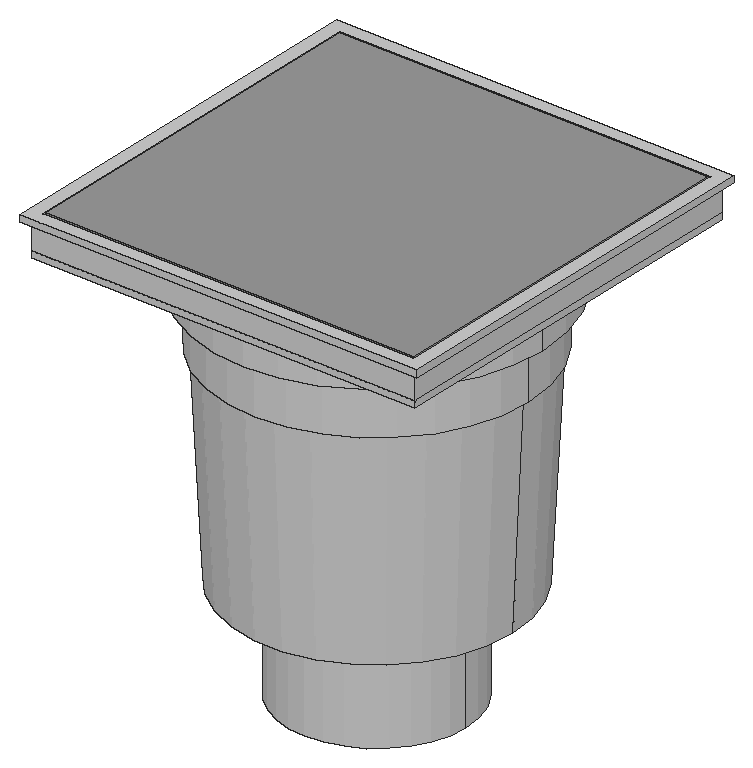
Revit family "HL_Дворовый трап серии Perfekt_HL606LW", category Instalační zařizovací předměty, Revit 2016
Family settings
  Typ součásti = Normální
  Kóta kulaté spojky = Použít průměr
  Číslo OmniClass = 23.70.50.21.24.14
  Nadpis OmniClass = Deck Waste Water Drains
  Založené na pracovní rovině = Ne
  Vždy vertikální = Ano
  Ořezat dutým tvarem při načtení = Ne
  Sdílené = Ne
  Bod výpočtu místnosti = Ano
Parameters (values of type "HL_Дворовый трап серии Perfekt_HL606LW_1")
  РЕШЁТКА = "Kunststoff 226 x 226 mm"
  РАЗМЕР = "DN110"
  ПРОПУСКНАЯ СПОСОБНОСТЬ [instance] = 0.0 L/s
  ПРОИЗВОДИТЕЛЬНОСТЬ = "2,1 l/s"
  ПРАВОВАЯ ИНФОРМАЦИЯ = "\"Авторские права(©), права на дизайн или какие либо другие права интелектуальной собственности являются исключительной собственностью компании HL Hutterer & Lechner. Изменению не подлежит. Файл семейства с данными о прозводителе изделия защищен паролем с водяным знаком.\""
  НОМИНАЛЬНЫЙ ДИАМЕТР = 110 mm
  НАСАДКА = "244 x 244 mm"
  МАТЕРИАЛ = "PP"
  МАКСИМАЛЬНАЯ НАГРУЗКА КЛАССА = "L - 1,5 t"
  ВЫСОТА МОНТАЖА = "213 mm"
  ВЕС = "1,46 kg"
  Výrobce = "HL Hutterer & Lechner GmbH"
  URL = "http://www.hutterer-lechner.com/ru/products/catalog/roof-drains/HL606LW/1.aspx"
  Материал плитка [instance] = none
  Připojení ventilace = no
  Připojení odpadu = yes
  Připojení HW = no
  Připojení CW = no
  Popis = "Дворовый трап серии Perfekt DN110 вертикальный"
  Model = "HL606LW/1"
  Assembly Code = " "
  Komentáře k typům = "Дворовый трап серии Perfekt DN110 вертикальный 244х244мм/226х226мм ПП с водяным затвором."
  Keynote = "HL606LW/1"
  IH [instance] = Высота монтажа 1 + Высота монтажа 2  # 0 mm
  Высота монтажа 2 [instance] = 0 mm
  Высота монтажа 1 [instance] = 0 mm
  G [instance] = 180.00°  # constant formula
  EAN = "9003076009411"
  D [instance] = IH + 174 mm  # 174 mm
  C [instance] = if(IH - 68 mm < 0 mm, 0 mm, IH - 68 mm)  # 0 mm
  B [instance] = 100 mm
  A [instance] = if(B - 100 mm > 15 mm, B - 100 mm, 15 mm)  # 15 mm
Types (3, lengths in mm): name | РАЗМЕР | НОМИНАЛЬНЫЙ ДИАМЕТР | ВЕС | URL | Popis | Model | Komentáře k typům | Keynote | EAN
  (no name) | "DN110" | 110 | "1,46 kg" | "http://www.hutterer-lechner.com/en/products/catalog/roof-drains/HL606LW/1.aspx" | 0 | "HL606LW/1" | "perfect-drain DN110 vertical 244x244mm/226x226mm plastic with trap seal" | "HL606LW/1" | "9003076009411"
  HL_Дворовый трап серии Perfekt_HL606LW_1 | "DN110" | 110 | "1,46 kg" | "http://www.hutterer-lechner.com/ru/products/catalog/roof-drains/HL606LW/1.aspx" | "Дворовый трап серии Perfekt DN110 вертикальный" | "HL606LW/1" | "Дворовый трап серии Perfekt DN110 вертикальный 244х244мм/226х226мм ПП с водяным затвором." | "HL606LW/1" | "9003076009411"
  HL_Дворовый трап серии Perfekt_HL606LW_5 | "DN160" | 160 | "1,466 kg" | "http://www.hutterer-lechner.com/ru/products/catalog/roof-drains/HL606LW/5.aspx" | "Дворовый трап серии Perfekt DN160 вертикальный" | "HL606LW/5" | "Дворовый трап серии Perfekt DN160 вертикальный 244х244мм/226х226мм ПП с водяным затвором." | "HL606LW/5" | "9003076009435"
Values of the unnamed type that differ from the named types
  ПРАВОВАЯ ИНФОРМАЦИЯ = "\"Copyright (©), design rights or any other intellectual property rights, shall be the exclusive property of HL Hutterer & Lechner GmbH. Modification is not allowed. Family has been watermarked.\""
Reference planes
  plane 1 "Center (Front/Back)": y = 0
  plane 2: z = 0
  plane 3 "Center (Left/Right)": x = 0
  plane 4: z = -100
  plane 5: z = 0
  plane 6: z = 0
Lines and regions (mm)
  model lines, style "InvisibleLines"
    curve 1: line (0, 0, 0) -> (0, 0, 20)
  model lines, style "PlumbingFixtures", detail levels coarse+medium
    curve 2: line (0, 0, -100) -> (0, 0, -85)
    curve 3: line (0, 0, -85) -> (-85, 0, 0)
    curve 4: line (0, 0, -85) -> (85, 0, 0)
    curve 6: line (0, 0, -100) -> (0, 0, -274)
  reference lines, not visible
    curve 5: line (0, 0, -100) -> (0, 0, -274)
  symbolic lines, style "PlumbingFixtures", detail levels coarse+medium
    curve 7: line (-75, 75, 0) -> (75, 75, 0)
    curve 8: line (-75, -75, 0) -> (-75, 75, 0)
    curve 9: line (75, -75, 0) -> (-75, -75, 0)
    curve 10: line (75, 75, 0) -> (75, -75, 0)
    curve 11: line (-75, 75, 0) -> (-145.711, 145.711, 0)
    curve 12: line (75, 75, 0) -> (145.711, 145.711, 0)
    curve 13: line (-75, -75, 0) -> (-145.711, -145.711, 0)
    curve 14: line (75, -75, 0) -> (145.711, -145.711, 0)
  symbolic lines, style "PlumbingFixtures", not visible, detail levels coarse+medium
    curve 15: line (-75, 75, 0) -> (75, 75, 0)
    curve 16: line (-75, -75, 0) -> (-75, 75, 0)
    curve 17: line (75, -75, 0) -> (-75, -75, 0)
    curve 18: line (75, 75, 0) -> (75, -75, 0)
    curve 19: line (-75, 75, 0) -> (-145.711, 145.711, 0)
    curve 20: line (75, 75, 0) -> (145.711, 145.711, 0)
    curve 21: line (-75, -75, 0) -> (-145.711, -145.711, 0)
    curve 22: line (75, -75, 0) -> (145.711, -145.711, 0)
Text (mm)
  text "FLOOR" at (-162.344, 0, -10.979), in view "Слева"
Dimensions and locks
  "B": plane 2 to plane 4
  "IH": plane 2 to plane 5
  "A": curve 4 to plane 4
  "D": curve 5 to curve 5
  "D": curve 6 to curve 6
  "Высота монтажа 1": plane 2 to plane 6
  locked: curve 4 to plane 3 "Center (Left/Right)" (angle 45.00°)
  locked: plane 3 "Center (Left/Right)" to curve 3 (angle 45.00°)
  "G": angle curve 5 to plane 3 "Center (Left/Right)"
  aligned and locked: level to plane 2
  aligned and locked: plane 2 to curve 4
  aligned and locked: plane 2 to curve 3
  aligned and locked: plane 4 to curve 5
  aligned and locked: plane 3 "Center (Left/Right)" to curve 5
  aligned and locked: plane 4 to curve 2
  aligned and locked: plane 3 "Center (Left/Right)" to curve 6
  aligned and locked: plane 4 to curve 6
  aligned and locked: nested 1 to plane 3 "Center (Left/Right)"
  aligned and locked: plane 5 to nested 1
  aligned and locked: plane 3 "Center (Left/Right)" to nested 2
  aligned and locked: plane 2 to nested 2
  aligned and locked: plane 3 "Center (Left/Right)" to nested 3
  aligned and locked: nested 1 to nested 3
  aligned and locked: plane 3 "Center (Left/Right)" to nested 4
  aligned and locked: nested 1 to nested 4
Automatic sketch dimensions
  curve 2 to plane 3 "Center (Left/Right)" = 0 mm
  curve 1 to plane 3 "Center (Left/Right)" = 0 mm
  curve 1 to level = 0 mm
  curve 1 to curve 1 = 20 mm
Nested families
  nested 1: "HL-кровельные воронки - корпус-HL606K" at (0, 0, 0), type "HL-кровельные воронки - корпус-HL606K_1"
  nested 2: "HL-Решетка для сливного отверстия-HL0605.1E" at (0, 0, 0), type "HL-Решетка для сливного отверстия-HL0605.1E"
  nested 3: "HL-Песколовка-HL0606.2E" at (0, 0, -19.999), type "HL-Песколовка-HL0606.2E"
  nested 4: "HL-Вкладыш запахозапирающий-HL0605.2E" at (0, 0, -77), type "HL-Вкладыш запахозапирающий-HL0605.2E"
Connectors
  piping at (0, 0, -274), diameter 110, driven by "ПРОПУСКНАЯ СПОСОБНОСТЬ", driven by "НОМИНАЛЬНЫЙ ДИАМЕТР"
    settings: on curve 5, index 1, connector inside diameter 609.6 mm, connector length 0 mm, flow factor 0, pipe flow 0.0 L/s, pressure drop 0.0 Pa, fitting loss kfactor 0, connector angle 0.00°, fixture units 0, engagement length 0 mm, angle of deflection 0.00°, flow configuration 1, flow direction 2, fitting loss method 0, system type 16, joint type 0, gender type 0, connector reference index -1, connector utility 0, adjustable connector yes, is connector primary yes, connector description ""
Definition of nested family "HL-кровельные воронки - корпус-HL606K"
  Parameters
    РАЗМЕР = ""
    ПРАВОВАЯ ИНФОРМАЦИЯ = ""
    НОМИНАЛЬНЫЙ ДИАМЕТР = 110 mm
    НАСАДКА = ""
    МАТЕРИАЛ = ""
    ВЫСОТА МОНТАЖА = ""
    ВЕС = ""
    Height = 0 mm
    Manufacturer = ""
    URL = ""
    Description = ""
    ND = НОМИНАЛЬНЫЙ ДИАМЕТР / 2  # 55 mm
    Model = ""
    материал = none
    Type Comments = ""
    Keynote = ""
    EAN = ""
    Cost = 0
  Types (3, lengths in mm): name | РАЗМЕР | ПРАВОВАЯ ИНФОРМАЦИЯ | НАСАДКА | МАТЕРИАЛ | ВЫСОТА МОНТАЖА | ВЕС | Manufacturer | URL | Description | Model | Type Comments | Keynote | EAN
    (no name) | "" | "" | "" | "" | "" | "" | "" | "" | "" | "" | "" | "" | ""
    HL-кровельные воронки - корпус-HL606K_1 | "DN110" | "\"Авторские права(©), права на дизайн или какие либо другие права интелектуальной собственности являются исключительной собственностью компании HL Hutterer & Lechner. Изменению не подлежит. Файл семейства с данными о прозводителе изделия защищен паролем с водяным знаком.\"" | "244 x 244 mm" | "PP" | "212 mm" | "0,647 kg" | "HL Hutterer & Lechner GmbH" | "http://www.hutterer-lechner.com/ru/products/catalog/roof-drains/HL606K/1.aspx" | "Дворовый трап серии Perfekt DN110 вертикальный" | "HL606K/1" | "Корпус дворового трапа серии Perfekt DN110 вертикальный 244х244мм ПП" | "HL606K/1" | "9003076012763"
    HL-кровельные воронки - корпус-HL606K_5 | "DN160" | "\"Авторские права(©), права на дизайн или какие либо другие права интелектуальной собственности являются исключительной собственностью компании HL Hutterer & Lechner. Изменению не подлежит. Файл семейства с данными о прозводителе изделия защищен паролем с водяным знаком.\"" | "244 x 244 mm" | "PP" | "212 mm" | "0,668 kg" | "HL Hutterer & Lechner GmbH" | "http://www.hutterer-lechner.com/ru/products/catalog/roof-drains/HL606K/5.aspx" | "Дворовый трап серии Perfekt DN160 вертикальный" | "HL606K/5" | "Корпус дворового трапа серии Perfekt DN160 вертикальный 244х244мм ПП" | "HL606K/5" | "9003076012787"
  Reference planes
    plane 1 "Střed (vpředu/vzadu)": y = 0
    plane 2: z = 0
    plane 3 "Střed (vlevo/vpravo)": x = 0
    plane 4: z = -212
  Forms (mm)
    Revolve 1, solid, material <- "материал", detail levels fine
      sketch origin (0, 0, 0) x (1, 0, 0) y (0, 0, 1)
        loop
          line (0, -212) -> (83.62, -212) -> (90.477, -81.158) -> (93.491, -81.158) -> (93.491, -49.562) -> (102.242, -49.562) -> (102.242, -24) -> (98.5, -24) -> (98.5, -42) -> (89.75, -42) -> (89.75, -77) -> (85.685, -77) -> (79.688, -208) -> (0, -208) -> (0, -212)
        axis (0, -212) -> (0, -24)
      angle from 0 to 360
    Extrusion 2, solid, material <- "материал", detail levels fine
      sketch origin (0, 0, 0) x (1, 0, 0) y (0, 1, 0)
        loop
          line (118, -118) -> (118, 118) -> (-118, 118) -> (-118, -118) -> (118, -118)
        loop
          circle (0, 0) r 102.242
      from -24 to -20
    Extrusion 3, solid, material <- "материал", detail levels fine
      sketch origin (0, 0, -23) x (0, 1, 0) y (-1, 0, 0)
        loop
          line (118, 118) -> (-118, 118) -> (-118, -118) -> (118, -118) -> (118, 118)
        loop
          line (-114, -114) -> (114, -114) -> (114, 114) -> (-114, 114) -> (-114, -114)
      from 0 to 19
    Extrusion 4, solid, material <- "материал", detail levels fine
      sketch origin (0, 0, 0) x (1, 0, 0) y (0, 1, 0)
        loop
          line (-122, 122) -> (-122, -122) -> (122, -122) -> (122, 122) -> (-122, 122)
        loop
          line (114, -114) -> (114, 114) -> (-114, 114) -> (-114, -114) -> (114, -114)
      from -4 to 0
    Revolve 5, solid, material <- "материал", detail levels fine
      sketch origin (0, 0, 0) x (1, 0, 0) y (0, 0, 1)
        loop
          line (0, -274) -> (55, -274) -> (55, -212) -> (0, -212) -> (0, -274)
        axis (0, -212) -> (0, -274)
      angle from 0 to 360
  Dimensions and locks
    locked: plane 2 to plane 4 at 212
    plane 4 to Revolve 5 sketch curve = 62 mm
    "ND": Revolve 5 sketch curve to plane 3 "Střed (vlevo/vpravo)"
    aligned and locked: level to plane 2
    aligned and locked: Revolve 5 sketch curve to plane 4
  Automatic sketch dimensions
    Revolve 1 sketch curve to plane 3 "Střed (vlevo/vpravo)" = 0 mm  (x2)
    Revolve 1 sketch curve to plane 4 = 0 mm
    Revolve 1 sketch curve to level = 0 mm
    plane 4 to Revolve 1 sketch curve = 4 mm
    plane 3 "Střed (vlevo/vpravo)" to Revolve 1 sketch curve = 79.688 mm
    Revolve 1 sketch curve to Revolve 1 sketch curve = 3.931 mm
    plane 3 "Střed (vlevo/vpravo)" to Revolve 1 sketch curve = 85.685 mm
    Revolve 1 sketch curve to Revolve 1 sketch curve = 4.065 mm
    Revolve 1 sketch curve to Revolve 1 sketch curve = 0.727 mm
    Revolve 1 sketch curve to Revolve 1 sketch curve = 3.014 mm
    Revolve 1 sketch curve to Revolve 1 sketch curve = 8.75 mm
    Revolve 1 sketch curve to Revolve 1 sketch curve = 3.742 mm
    Revolve 1 sketch curve to level = 81.158 mm
    Revolve 1 sketch curve to Revolve 1 sketch curve = 4.158 mm
    Revolve 1 sketch curve to Revolve 1 sketch curve = 27.438 mm
    Revolve 1 sketch curve to Revolve 1 sketch curve = 7.562 mm
    Revolve 1 sketch curve to Revolve 1 sketch curve = 18 mm
    level to Revolve 1 sketch curve = 19.057 mm
    plane 1 "Střed (vpředu/vzadu)" to Extrusion 3 sketch curve = 118 mm
    Extrusion 3 sketch curve to Extrusion 3 sketch curve = 4 mm  (x4)
    Extrusion 3 sketch curve to plane 1 "Střed (vpředu/vzadu)" = 114 mm
    plane 3 "Střed (vlevo/vpravo)" to Extrusion 3 sketch curve = 118 mm
    Extrusion 3 sketch curve to plane 3 "Střed (vlevo/vpravo)" = 114 mm
    Extrusion 4 sketch curve to plane 3 "Střed (vlevo/vpravo)" = 122 mm
    Extrusion 4 sketch curve to Extrusion 4 sketch curve = 8 mm  (x4)
    plane 3 "Střed (vlevo/vpravo)" to Extrusion 4 sketch curve = 114 mm
    plane 1 "Střed (vpředu/vzadu)" to Extrusion 4 sketch curve = 122 mm
    Extrusion 4 sketch curve to plane 1 "Střed (vpředu/vzadu)" = 114 mm
    plane 1 "Střed (vpředu/vzadu)" to Extrusion 2 sketch curve = 0 mm
    Extrusion 2 sketch curve to plane 3 "Střed (vlevo/vpravo)" = 0 mm
    Extrusion 2 sketch curve to plane 3 "Střed (vlevo/vpravo)" = 118 mm
    plane 3 "Střed (vlevo/vpravo)" to Extrusion 2 sketch curve = 118 mm
    plane 1 "Střed (vpředu/vzadu)" to Extrusion 2 sketch curve = 118 mm
    Extrusion 2 sketch curve to plane 1 "Střed (vpředu/vzadu)" = 118 mm
    Revolve 5 sketch curve to plane 3 "Střed (vlevo/vpravo)" = 0 mm  (x2)
    Revolve 5 sketch curve to Revolve 5 sketch curve = 26 mm
    Revolve 5 sketch curve to Revolve 5 sketch curve = 105 mm
    radius of Extrusion 2 sketch curve = 102.242 mm
Definition of nested family "HL-Решетка для сливного отверстия-HL0605.1E"
  Parameters
    РАЗМЕР = ""
    ПРАВОВАЯ ИНФОРМАЦИЯ = ""
    МАТЕРИАЛ = ""
    МАКСИМАЛЬНАЯ НАГРУЗКА КЛАССА = ""
    ВЕС = ""
    Manufacturer = ""
    URL = ""
    Description = ""
    Model = ""
    материал = none
    Type Comments = ""
    Keynote = ""
    EAN = ""
    Cost = 0
  Types (2, lengths in mm): name | РАЗМЕР | ПРАВОВАЯ ИНФОРМАЦИЯ | МАТЕРИАЛ | МАКСИМАЛЬНАЯ НАГРУЗКА КЛАССА | ВЕС | Manufacturer | URL | Description | Model | Type Comments | Keynote | EAN
    (no name) | "" | "" | "" | "" | "" | "" | "" | "" | "" | "" | "" | ""
    HL-Решетка для сливного отверстия-HL0605.1E | "226x226mm" | "\"Авторские права(©), права на дизайн или какие либо другие права интелектуальной собственности являются исключительной собственностью компании HL Hutterer & Lechner. Изменению не подлежит. Файл семейства с данными о прозводителе изделия защищен паролем с водяным знаком.\"" | "PA" | "L - 1,5 t" | "0,508 kg" | "HL Hutterer & Lechner GmbH" | "http://www.hutterer-lechner.com/ru/products/catalog/roof-drains/HL0605.1E.aspx" | "Решетка для сливного отверстия" | "HL0605.1E" | "Решетка для сливного отверстия из пластмассы 226х226мм" | "HL0605.1E" | "9003076009701"
  Reference planes
    plane 1 "Střed (vpředu/vzadu)": y = 0
    plane 2: z = 0
    plane 3 "Střed (vlevo/vpravo)": x = 0
  Forms (mm)
    Extrusion 1, solid, material <- "материал", detail levels fine
      sketch origin (0, 0, 0) x (1, 0, 0) y (0, 1, 0)
        loop
          line (113, 113) -> (-113, 113) -> (-113, -113) -> (113, -113) -> (113, 113)
      from 0 to -20
  Lines and regions (mm)
    model lines, detail levels fine
      curve 1: line (21.213, 35.355, 0) -> (56.569, 70.711, 0)
      curve 2: line (35.355, 21.213, 0) -> (70.711, 56.569, 0)
      curve 3: line (81.317, 45.962, 0) -> (45.962, 10.607, 0)
      curve 4: line (10.607, 45.962, 0) -> (45.962, 81.317, 0)
      curve 5: line (7.5, 72, 0) -> (7.5, 88, 0)
      curve 6: line (-7.5, 72, 0) -> (-7.5, 88, 0)
      curve 7: arc (7.5, 88, 0) -> (0, 95.5, 0) -> (-7.5, 88, 0) r 7.5
      curve 8: arc (7.5, 72, 0) -> (0, 64.5, 0) -> (-7.5, 72, 0) r 7.5
      curve 9: arc (56.569, 70.711, 0) -> (56.569, 81.317, 0) -> (45.962, 81.317, 0) r 7.5
      curve 10: arc (81.317, 45.962, 0) -> (81.317, 56.569, 0) -> (70.711, 56.569, 0) r 7.5
      curve 11: arc (45.962, 10.607, 0) -> (35.355, 10.607, 0) -> (35.355, 21.213, 0) r 7.5
      curve 12: arc (10.607, 45.962, 0) -> (10.607, 35.355, 0) -> (21.213, 35.355, 0) r 7.5
      curve 13: line (21.213, -35.355, 0) -> (56.569, -70.711, 0)
      curve 14: line (35.355, -21.213, 0) -> (70.711, -56.569, 0)
      curve 15: line (81.317, -45.962, 0) -> (45.962, -10.607, 0)
      curve 16: line (10.607, -45.962, 0) -> (45.962, -81.317, 0)
      curve 17: arc (56.569, -70.711, 0) -> (56.569, -81.317, 0) -> (45.962, -81.317, 0) r 7.5
      curve 18: arc (81.317, -45.962, 0) -> (81.317, -56.569, 0) -> (70.711, -56.569, 0) r 7.5
      curve 19: arc (45.962, -10.607, 0) -> (35.355, -10.607, 0) -> (35.355, -21.213, 0) r 7.5
      curve 20: arc (10.607, -45.962, 0) -> (10.607, -35.355, 0) -> (21.213, -35.355, 0) r 7.5
      curve 21: line (-21.213, 35.355, 0) -> (-56.569, 70.711, 0)
      curve 22: line (-35.355, 21.213, 0) -> (-70.711, 56.569, 0)
      curve 23: line (-81.317, 45.962, 0) -> (-45.962, 10.607, 0)
      curve 24: line (-10.607, 45.962, 0) -> (-45.962, 81.317, 0)
      curve 25: arc (-56.569, 70.711, 0) -> (-56.569, 81.317, 0) -> (-45.962, 81.317, 0) r 7.5
      curve 26: arc (-81.317, 45.962, 0) -> (-81.317, 56.569, 0) -> (-70.711, 56.569, 0) r 7.5
      curve 27: arc (-45.962, 10.607, 0) -> (-35.355, 10.607, 0) -> (-35.355, 21.213, 0) r 7.5
      curve 28: arc (-10.607, 45.962, 0) -> (-10.607, 35.355, 0) -> (-21.213, 35.355, 0) r 7.5
      curve 29: line (-21.213, -35.355, 0) -> (-56.569, -70.711, 0)
      curve 30: line (-35.355, -21.213, 0) -> (-70.711, -56.569, 0)
      curve 31: line (-81.317, -45.962, 0) -> (-45.962, -10.607, 0)
      curve 32: line (-10.607, -45.962, 0) -> (-45.962, -81.317, 0)
      curve 33: arc (-56.569, -70.711, 0) -> (-56.569, -81.317, 0) -> (-45.962, -81.317, 0) r 7.5
      curve 34: arc (-81.317, -45.962, 0) -> (-81.317, -56.569, 0) -> (-70.711, -56.569, 0) r 7.5
      curve 35: arc (-45.962, -10.607, 0) -> (-35.355, -10.607, 0) -> (-35.355, -21.213, 0) r 7.5
      curve 36: arc (-10.607, -45.962, 0) -> (-10.607, -35.355, 0) -> (-21.213, -35.355, 0) r 7.5
      curve 37: line (72, 7.5, 0) -> (88, 7.5, 0)
      curve 38: line (72, -7.5, 0) -> (88, -7.5, 0)
      curve 39: arc (88, 7.5, 0) -> (95.5, 0, 0) -> (88, -7.5, 0) r 7.5
      curve 40: arc (72, 7.5, 0) -> (64.5, 0, 0) -> (72, -7.5, 0) r 7.5
      curve 41: line (-72, 7.5, 0) -> (-88, 7.5, 0)
      curve 42: line (-72, -7.5, 0) -> (-88, -7.5, 0)
      curve 43: arc (-88, 7.5, 0) -> (-95.5, 0, 0) -> (-88, -7.5, 0) r 7.5
      curve 44: arc (-72, 7.5, 0) -> (-64.5, 0, 0) -> (-72, -7.5, 0) r 7.5
      curve 45: line (7.5, -72, 0) -> (7.5, -88, 0)
      curve 46: line (-7.5, -72, 0) -> (-7.5, -88, 0)
      curve 47: arc (7.5, -88, 0) -> (0, -95.5, 0) -> (-7.5, -88, 0) r 7.5
      curve 48: arc (7.5, -72, 0) -> (0, -64.5, 0) -> (-7.5, -72, 0) r 7.5
  Dimensions and locks
    aligned and locked: level to plane 2
Definition of nested family "HL-Песколовка-HL0606.2E"
  Parameters (values of type "HL-Песколовка-HL0606.2E")
    ПРАВОВАЯ ИНФОРМАЦИЯ = "\"Авторские права(©), права на дизайн или какие либо другие права интелектуальной собственности являются исключительной собственностью компании HL Hutterer & Lechner. Изменению не подлежит. Файл семейства с данными о прозводителе изделия защищен паролем с водяным знаком.\""
    МАТЕРИАЛ = "PP"
    ВЕС = "0,09 kg"
    Manufacturer = "HL Hutterer & Lechner GmbH"
    URL = "http://www.hutterer-lechner.com/ru/products/catalog/roof-drains/HL0606.2E.aspx"
    Description = "Песколовка"
    Model = "HL0606.2E"
    материал = none
    Type Comments = "Песколовка"
    Keynote = "HL0606.2E"
    EAN = "9003076060627"
    Cost = 0
  Values of the unnamed type that differ from the named types
    ПРАВОВАЯ ИНФОРМАЦИЯ = ""
    МАТЕРИАЛ = ""
    ВЕС = ""
    Manufacturer = ""
    URL = ""
    Description = ""
    Model = ""
    Type Comments = ""
    Keynote = ""
    EAN = ""
  Reference planes
    plane 1 "Střed (vpředu/vzadu)": y = 0
    plane 2: z = 0
    plane 3 "Střed (vlevo/vpravo)": x = 0
  Forms (mm)
    Revolve 1, solid, material <- "материал", detail levels fine
      sketch origin (0, 0, 0) x (1, 0, 0) y (0, 0, 1)
        loop
          line (0, -55.952) -> (0, -58.018) -> (57.601, -56.006)
          arc (57.601, -56.006) -> (65.932, -53.053) -> (69.532, -44.98) r 11.208
          line (69.532, -44.98) -> (72.482, -41.586) -> (75.031, -12.448) -> (75.865, -6.515)
          arc (75.865, -6.515) -> (76.428, -5.156) -> (77.786, -4.594) r 1.921
          line (77.786, -4.594) -> (95.979, -3.002) -> (95.979, -0.001) -> (73.246, -1.99) -> (69.436, -41.391) -> (67.501, -43.326)
          arc (67.501, -43.326) -> (65.111, -51.02) -> (57.603, -53.94) r 9.273
          line (57.603, -53.94) -> (0, -55.952)
        axis (0, -58.018) -> (0, -0.001)
      angle from 0 to 360
  Dimensions and locks
    aligned and locked: level to plane 2
Definition of nested family "HL-Вкладыш запахозапирающий-HL0605.2E"
  Parameters
    ПРАВОВАЯ ИНФОРМАЦИЯ = ""
    МАТЕРИАЛ = ""
    ВЕС = ""
    Manufacturer = ""
    URL = ""
    Description = ""
    Model = ""
    материал 2 = none
    материал = none
    Type Comments = ""
    Keynote = ""
    EAN = ""
    Cost = 0
  Types (2, lengths in mm): name | ПРАВОВАЯ ИНФОРМАЦИЯ | МАТЕРИАЛ | ВЕС | Manufacturer | URL | Description | Model | Type Comments | Keynote | EAN
    (no name) | "" | "" | "" | "" | "" | "" | "" | "" | "" | ""
    HL-Вкладыш запахозапирающий-HL0605.2E | "\"Авторские права(©), права на дизайн или какие либо другие права интелектуальной собственности являются исключительной собственностью компании HL Hutterer & Lechner. Изменению не подлежит. Файл семейства с данными о прозводителе изделия защищен паролем с водяным знаком.\"" | "PP" | "0,192 kg" | "HL Hutterer & Lechner GmbH" | "http://www.hutterer-lechner.com/ru/products/catalog/roof-drains/HL0605.2E.aspx" | "Вкладыш запахозапирающий" | "HL0605.2E" | "Вкладыш водяного затвора комплектный" | "HL0605.2E" | "9003076009725"
  Reference planes
    plane 1 "Střed (vpředu/vzadu)": y = 0
    plane 2: z = 0
    plane 3 "Střed (vlevo/vpravo)": x = 0
  Forms (mm)
    Revolve 1, solid, material <- "материал 2", detail levels fine
      sketch origin (0, 0, 0) x (1, 0, 0) y (0, 0, 1)
        loop
          line (88, -3) -> (88, 0) -> (82.921, 0) -> (82.921, -1.338) -> (78.867, -6.169) -> (78.867, -19.629) -> (76.315, -48.796)
          arc (76.315, -48.796) -> (75.558, -51.125) -> (73.796, -52.827) r 5.066
          line (73.796, -52.827) -> (58.029, -61.938) -> (58.029, -93.034) -> (53.399, -98) -> (41.859, -98) -> (41.859, -83.043) -> (45.35, -83.043) -> (45.35, -33) -> (29.878, -33) -> (29.878, -100) -> (52.94, -100)
          arc (52.94, -100) -> (57.932, -97.932) -> (60, -92.939) r 7.061
          line (60, -92.939) -> (60, -65.894)
          arc (60, -65.894) -> (60.671, -63.394) -> (62.5, -61.564) r 5.003
          line (62.5, -61.564) -> (74.706, -54.511)
          arc (74.706, -54.511) -> (77.106, -52.212) -> (78.174, -49.065) r 6.994
          line (78.174, -49.065) -> (81.088, -15.754) -> (83.996, -15.499) -> (83.996, -12.378)
          arc (83.996, -12.378) -> (85.775, -10) -> (83.996, -7.623) r 2.478
          line (83.996, -7.623) -> (83.996, -3) -> (88, -3)
        axis (0, 0) -> (0, -100)
      angle from 0 to 360
    Revolve 2, solid, material <- "материал", detail levels fine
      sketch origin (0, 0, 0) x (1, 0, 0) y (0, 0, 1)
        loop
          line (47.229, -83.043) -> (47.229, -28.043)
          arc (47.229, -28.043) -> (43.63, -19.353) -> (34.94, -15.754) r 12.289
          line (34.94, -15.754) -> (0, -15.754) -> (0, -48.796) -> (45.35, -48.796) -> (45.35, -83.043) -> (47.229, -83.043)
        axis (0, -83.043) -> (0, -15.754)
      angle from 0 to 360
  Dimensions and locks
    aligned and locked: level to plane 2
